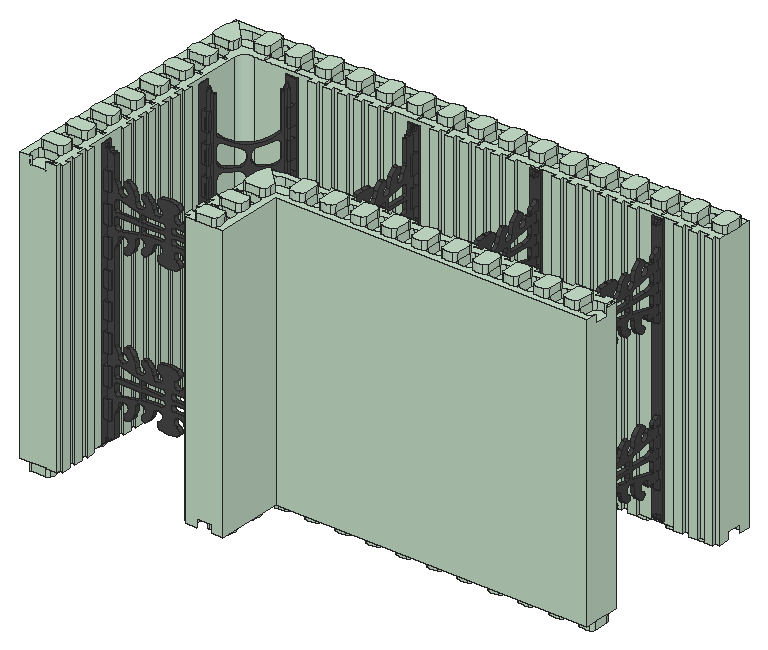
Revit family "ICF- NUDURA 8-inch- 90 Degree Form Unit- Imperial", category Generic Models, Revit 2011 (continued)
Definition of nested family "NUDURA 8-inch Corner Insert Web"
  Reference planes (in)
    plane 1 "Center (Front/Back)": y = 0
    plane 2: z = 0
    plane 3 "Center (Left/Right)": x = 0
  Forms (in)
    Extrusion 1, solid, material "Polypropylene"
      sketch origin (0, 1.8125, 0.26) x (0, 1, 0) y (0, 0, 1)
        loop
          line (0, 0) -> (0, 16.54253) -> (-0.125, 16.54253) -> (-0.125, 14.16753)
          arc (-0.125, 14.16753) -> (-1.8125, 13.54253) -> (-3.5, 14.16753) r 2.59063
          line (-3.5, 14.16753) -> (-3.5, 16.54253) -> (-3.625, 16.54253) -> (-3.625, 0) -> (-3.5, 0) -> (-3.5, 2.375)
          arc (-3.5, 2.375) -> (-1.8125, 3) -> (-0.125, 2.375) r 2.59063
          line (-0.125, 2.375) -> (-0.125, 0) -> (0, 0)
        loop
          arc (-0.125, 10.04253) -> (-1.8125, 10.66753) -> (-3.5, 10.04253) r 2.59063
          line (-3.5, 10.04253) -> (-3.5, 6.5)
          arc (-3.5, 6.5) -> (-1.8125, 5.875) -> (-0.125, 6.5) r 2.59063
          line (-0.125, 6.5) -> (-0.125, 10.04253)
        loop
          arc (-0.48097, 13.69492) -> (-0.91492, 13.50403) -> (-1.375, 13.3897) r 2.77813
          arc (-1.375, 13.3897) -> (-1.74433, 12.79424) -> (-1.375, 12.19878) r 0.66469
          line (-1.375, 12.19878) -> (-0.625, 12.19878)
          arc (-0.625, 12.19878) -> (-0.27145, 12.34523) -> (-0.125, 12.69878) r 0.5
          line (-0.125, 12.69878) -> (-0.125, 13.46849)
          arc (-0.125, 13.46849) -> (-0.24082, 13.67943) -> (-0.48097, 13.69492) r 0.25
        loop
          arc (-0.48097, 10.51515) -> (-0.24082, 10.53064) -> (-0.125, 10.74158) r 0.25
          line (-0.125, 10.74158) -> (-0.125, 11.51128)
          arc (-0.125, 11.51128) -> (-0.27145, 11.86484) -> (-0.625, 12.01128) r 0.5
          line (-0.625, 12.01128) -> (-1.375, 12.01128)
          arc (-1.375, 12.01128) -> (-1.74433, 11.41583) -> (-1.375, 10.82037) r 0.66469
          arc (-1.375, 10.82037) -> (-0.91492, 10.70604) -> (-0.48097, 10.51515) r 2.77813
        loop
          arc (-3.14403, 10.51515) -> (-2.71008, 10.70604) -> (-2.25, 10.82037) r 2.77813
          arc (-2.25, 10.82037) -> (-1.88067, 11.41583) -> (-2.25, 12.01128) r 0.66469
          line (-2.25, 12.01128) -> (-3, 12.01128)
          arc (-3, 12.01128) -> (-3.35355, 11.86484) -> (-3.5, 11.51128) r 0.5
          line (-3.5, 11.51128) -> (-3.5, 10.74158)
          arc (-3.5, 10.74158) -> (-3.38418, 10.53064) -> (-3.14403, 10.51515) r 0.25
        loop
          arc (-3.14403, 13.69492) -> (-3.38418, 13.67943) -> (-3.5, 13.46849) r 0.25
          line (-3.5, 13.46849) -> (-3.5, 12.69878)
          arc (-3.5, 12.69878) -> (-3.35355, 12.34523) -> (-3, 12.19878) r 0.5
          line (-3, 12.19878) -> (-2.25, 12.19878)
          arc (-2.25, 12.19878) -> (-1.88067, 12.79424) -> (-2.25, 13.3897) r 0.66469
          arc (-2.25, 13.3897) -> (-2.71008, 13.50403) -> (-3.14403, 13.69492) r 2.77813
        loop
          arc (-0.48097, 2.84761) -> (-0.24082, 2.8631) -> (-0.125, 3.07404) r 0.25
          line (-0.125, 3.07404) -> (-0.125, 3.84375)
          arc (-0.125, 3.84375) -> (-0.27145, 4.1973) -> (-0.625, 4.34375) r 0.5
          line (-0.625, 4.34375) -> (-1.375, 4.34375)
          arc (-1.375, 4.34375) -> (-1.74433, 3.74829) -> (-1.375, 3.15283) r 0.66469
          arc (-1.375, 3.15283) -> (-0.91492, 3.0385) -> (-0.48097, 2.84761) r 2.77813
        loop
          arc (-0.48097, 6.02739) -> (-0.91492, 5.8365) -> (-1.375, 5.72217) r 2.77813
          arc (-1.375, 5.72217) -> (-1.74433, 5.12671) -> (-1.375, 4.53125) r 0.66469
          line (-1.375, 4.53125) -> (-0.625, 4.53125)
          arc (-0.625, 4.53125) -> (-0.27145, 4.6777) -> (-0.125, 5.03125) r 0.5
          line (-0.125, 5.03125) -> (-0.125, 5.80096)
          arc (-0.125, 5.80096) -> (-0.24082, 6.0119) -> (-0.48097, 6.02739) r 0.25
        loop
          arc (-3.14403, 6.02739) -> (-3.38418, 6.0119) -> (-3.5, 5.80096) r 0.25
          line (-3.5, 5.80096) -> (-3.5, 5.03125)
          arc (-3.5, 5.03125) -> (-3.35355, 4.6777) -> (-3, 4.53125) r 0.5
          line (-3, 4.53125) -> (-2.25, 4.53125)
          arc (-2.25, 4.53125) -> (-1.88067, 5.12671) -> (-2.25, 5.72217) r 0.66469
          arc (-2.25, 5.72217) -> (-2.71008, 5.8365) -> (-3.14403, 6.02739) r 2.77813
        loop
          arc (-3.14403, 2.84761) -> (-2.71008, 3.0385) -> (-2.25, 3.15283) r 2.77813
          arc (-2.25, 3.15283) -> (-1.88067, 3.74829) -> (-2.25, 4.34375) r 0.66469
          line (-2.25, 4.34375) -> (-3, 4.34375)
          arc (-3, 4.34375) -> (-3.35355, 4.1973) -> (-3.5, 3.84375) r 0.5
          line (-3.5, 3.84375) -> (-3.5, 3.07404)
          arc (-3.5, 3.07404) -> (-3.38418, 2.8631) -> (-3.14403, 2.84761) r 0.25
      from -0.125 to 0.125
    Extrusion 2, solid, material "Polypropylene"
      sketch origin (0, 0.95461, 23.70793) x (0, 1, 0) y (0, 0, 1)
        loop
          line (-3.07961, -23.44793) -> (-3.00461, -23.67793)
          arc (-3.00461, -23.67793) -> (-2.95461, -23.70793) -> (-2.90461, -23.67793) r 0.05667
          line (-2.90461, -23.67793) -> (-2.82961, -23.44793) -> (-2.82961, -6.9054) -> (-2.90461, -6.6754)
          arc (-2.90461, -6.6754) -> (-2.95461, -6.6454) -> (-3.00461, -6.6754) r 0.05667
          line (-3.00461, -6.6754) -> (-3.07961, -6.9054) -> (-3.07961, -23.44793)
      from 0.14171 to 0.39171
    Extrusion 3, solid, material "Polypropylene"
      sketch origin (0, 4.95461, 23.70793) x (0, 1, 0) y (0, 0, 1)
        loop
          line (-3.07961, -23.44793) -> (-3.00461, -23.67793)
          arc (-3.00461, -23.67793) -> (-2.95461, -23.70793) -> (-2.90461, -23.67793) r 0.05667
          line (-2.90461, -23.67793) -> (-2.82961, -23.44793) -> (-2.82961, -6.9054) -> (-2.90461, -6.6754)
          arc (-2.90461, -6.6754) -> (-2.95461, -6.6454) -> (-3.00461, -6.6754) r 0.05667
          line (-3.00461, -6.6754) -> (-3.07961, -6.9054) -> (-3.07961, -23.44793)
      from 0.14171 to 0.39171
    Extrusion 4, solid, material "Polypropylene"
      sketch origin (0, 1.8125, 0) x (1, 0, 0) y (0, 1, 0)
        loop
          line (0.125, -3.50401) -> (0.125, -3.625) -> (0.09265, -3.625) -> (0.14171, -3.80849) -> (0.14171, -3.6875) -> (0.17406, -3.6875) -> (0.125, -3.50401)
      from 0.26 to 16.80253
    Extrusion 5, solid, material "Polypropylene"
      sketch origin (0, -1.8125, 0) x (1, 0, 0) y (0, 1, 0)
        loop
          line (0.125, 3.50401) -> (0.17406, 3.6875) -> (0.14171, 3.6875) -> (0.14171, 3.80849) -> (0.09265, 3.625) -> (0.125, 3.625) -> (0.125, 3.50401)
      from 0.26 to 16.80253
Definition of nested family "NUDURA Diamond Pattern"
  Reference planes (in)
    plane 1 "Center (Front/Back)": y = 0
    plane 2: z = 0
    plane 3 "Center (Left/Right)": x = 0
    plane 4: z = 18
  Lines and regions (in)
    model lines
      curve 1: line (8, -5.625, 18) -> (8, -5.625, 0)
      curve 2: line (6, -5.625, 18) -> (6, -5.625, 0)
      curve 3: line (2, -5.625, 18) -> (2, -5.625, 0)
      curve 4: line (3.35367, -5.625, 16.98484) -> (3.69709, -5.625, 16.64142)
      curve 5: arc (3.35367, -5.625, 17.51517) -> (3.24384, -5.625, 17.25) -> (3.35367, -5.625, 16.98484) r 0.375
      curve 6: line (3.72867, -5.625, 17.89017) -> (3.35367, -5.625, 17.51517)
      curve 7: arc (4.259, -5.625, 17.89017) -> (3.99384, -5.625, 18) -> (3.72867, -5.625, 17.89017) r 0.375
      curve 8: line (4.634, -5.625, 17.51517) -> (4.259, -5.625, 17.89017)
      curve 9: arc (4.634, -5.625, 16.98484) -> (4.74384, -5.625, 17.25) -> (4.634, -5.625, 17.51517) r 0.375
      curve 10: line (4.29059, -5.625, 16.64142) -> (4.634, -5.625, 16.98484)
      curve 11: arc (4.17062, -5.625, 17.80178) -> (3.99384, -5.625, 17.875) -> (3.81706, -5.625, 17.80178) r 0.25
      curve 12: line (4.54562, -5.625, 17.42678) -> (4.17062, -5.625, 17.80178)
      curve 13: arc (4.54562, -5.625, 17.07322) -> (4.61884, -5.625, 17.25) -> (4.54562, -5.625, 17.42678) r 0.25
      curve 14: line (4.17062, -5.625, 16.69822) -> (4.54562, -5.625, 17.07322)
      curve 15: arc (3.81706, -5.625, 16.69822) -> (3.99384, -5.625, 16.625) -> (4.17062, -5.625, 16.69822) r 0.25
      curve 16: line (3.44206, -5.625, 17.07322) -> (3.81706, -5.625, 16.69822)
      curve 17: arc (3.44206, -5.625, 17.42678) -> (3.36884, -5.625, 17.25) -> (3.44206, -5.625, 17.07322) r 0.25
      curve 18: line (3.81706, -5.625, 17.80178) -> (3.44206, -5.625, 17.42678)
      curve 19: arc (3.69709, -5.625, 16.35858) -> (3.75567, -5.625, 16.5) -> (3.69709, -5.625, 16.64142) r 0.2
      curve 20: line (4.634, -5.625, 16.01517) -> (4.29059, -5.625, 16.35858)
      curve 21: arc (4.634, -5.625, 15.48484) -> (4.74384, -5.625, 15.75) -> (4.634, -5.625, 16.01517) r 0.375
      curve 22: line (4.29059, -5.625, 15.14142) -> (4.634, -5.625, 15.48484)
      curve 23: line (3.35367, -5.625, 15.48484) -> (3.69709, -5.625, 15.14142)
      curve 24: arc (3.35367, -5.625, 16.01517) -> (3.24384, -5.625, 15.75) -> (3.35367, -5.625, 15.48484) r 0.375
      curve 25: line (3.69709, -5.625, 16.35858) -> (3.35367, -5.625, 16.01517)
      curve 26: arc (4.17062, -5.625, 16.30178) -> (3.99384, -5.625, 16.375) -> (3.81706, -5.625, 16.30178) r 0.25
      curve 27: line (3.81706, -5.625, 16.30178) -> (3.44206, -5.625, 15.92678)
      curve 28: arc (3.44206, -5.625, 15.92678) -> (3.36884, -5.625, 15.75) -> (3.44206, -5.625, 15.57322) r 0.25
      curve 29: line (3.44206, -5.625, 15.57322) -> (3.81706, -5.625, 15.19822)
      curve 30: arc (3.81706, -5.625, 15.19822) -> (3.99384, -5.625, 15.125) -> (4.17062, -5.625, 15.19822) r 0.25
      curve 31: line (4.17062, -5.625, 15.19822) -> (4.54562, -5.625, 15.57322)
      curve 32: arc (4.54562, -5.625, 15.57322) -> (4.61884, -5.625, 15.75) -> (4.54562, -5.625, 15.92678) r 0.25
      curve 33: line (4.54562, -5.625, 15.92678) -> (4.17062, -5.625, 16.30178)
      curve 34: arc (3.69709, -5.625, 14.85858) -> (3.75567, -5.625, 15) -> (3.69709, -5.625, 15.14142) r 0.2
      curve 35: line (4.634, -5.625, 14.51517) -> (4.29059, -5.625, 14.85858)
      curve 36: arc (4.634, -5.625, 13.98484) -> (4.74384, -5.625, 14.25) -> (4.634, -5.625, 14.51517) r 0.375
      curve 37: line (4.29059, -5.625, 13.64142) -> (4.634, -5.625, 13.98484)
      curve 38: line (3.35367, -5.625, 13.98484) -> (3.69709, -5.625, 13.64142)
      curve 39: arc (3.35367, -5.625, 14.51517) -> (3.24384, -5.625, 14.25) -> (3.35367, -5.625, 13.98484) r 0.375
      curve 40: line (3.69709, -5.625, 14.85858) -> (3.35367, -5.625, 14.51517)
      curve 41: arc (4.17062, -5.625, 14.80178) -> (3.99384, -5.625, 14.875) -> (3.81706, -5.625, 14.80178) r 0.25
      curve 42: line (3.81706, -5.625, 14.80178) -> (3.44206, -5.625, 14.42678)
      curve 43: arc (3.44206, -5.625, 14.42678) -> (3.36884, -5.625, 14.25) -> (3.44206, -5.625, 14.07322) r 0.25
      curve 44: line (3.44206, -5.625, 14.07322) -> (3.81706, -5.625, 13.69822)
      curve 45: arc (3.81706, -5.625, 13.69822) -> (3.99384, -5.625, 13.625) -> (4.17062, -5.625, 13.69822) r 0.25
      curve 46: line (4.17062, -5.625, 13.69822) -> (4.54562, -5.625, 14.07322)
      curve 47: arc (4.54562, -5.625, 14.07322) -> (4.61884, -5.625, 14.25) -> (4.54562, -5.625, 14.42678) r 0.25
      curve 48: line (4.54562, -5.625, 14.42678) -> (4.17062, -5.625, 14.80178)
      curve 49: arc (3.69709, -5.625, 13.35858) -> (3.75567, -5.625, 13.5) -> (3.69709, -5.625, 13.64142) r 0.2
      curve 50: line (4.634, -5.625, 13.01517) -> (4.29059, -5.625, 13.35858)
      curve 51: arc (4.634, -5.625, 12.48484) -> (4.74384, -5.625, 12.75) -> (4.634, -5.625, 13.01517) r 0.375
      curve 52: line (4.29059, -5.625, 12.14142) -> (4.634, -5.625, 12.48484)
      curve 53: line (3.35367, -5.625, 12.48484) -> (3.69709, -5.625, 12.14142)
      curve 54: arc (3.35367, -5.625, 13.01517) -> (3.24384, -5.625, 12.75) -> (3.35367, -5.625, 12.48484) r 0.375
      curve 55: line (3.69709, -5.625, 13.35858) -> (3.35367, -5.625, 13.01517)
      curve 56: arc (4.17062, -5.625, 13.30178) -> (3.99384, -5.625, 13.375) -> (3.81706, -5.625, 13.30178) r 0.25
      curve 57: line (3.81706, -5.625, 13.30178) -> (3.44206, -5.625, 12.92678)
      curve 58: arc (3.44206, -5.625, 12.92678) -> (3.36884, -5.625, 12.75) -> (3.44206, -5.625, 12.57322) r 0.25
      curve 59: line (3.44206, -5.625, 12.57322) -> (3.81706, -5.625, 12.19822)
      curve 60: arc (3.81706, -5.625, 12.19822) -> (3.99384, -5.625, 12.125) -> (4.17062, -5.625, 12.19822) r 0.25
      curve 61: line (4.17062, -5.625, 12.19822) -> (4.54562, -5.625, 12.57322)
      curve 62: arc (4.54562, -5.625, 12.57322) -> (4.61884, -5.625, 12.75) -> (4.54562, -5.625, 12.92678) r 0.25
      curve 63: line (4.54562, -5.625, 12.92678) -> (4.17062, -5.625, 13.30178)
      curve 64: arc (3.69709, -5.625, 11.85858) -> (3.75567, -5.625, 12) -> (3.69709, -5.625, 12.14142) r 0.2
      curve 65: line (4.634, -5.625, 11.51517) -> (4.29059, -5.625, 11.85858)
      curve 66: arc (4.634, -5.625, 10.98484) -> (4.74384, -5.625, 11.25) -> (4.634, -5.625, 11.51517) r 0.375
      curve 67: line (4.29059, -5.625, 10.64142) -> (4.634, -5.625, 10.98484)
      curve 68: line (3.35367, -5.625, 10.98484) -> (3.69709, -5.625, 10.64142)
      curve 69: arc (3.35367, -5.625, 11.51517) -> (3.24384, -5.625, 11.25) -> (3.35367, -5.625, 10.98484) r 0.375
      curve 70: line (3.69709, -5.625, 11.85858) -> (3.35367, -5.625, 11.51517)
      curve 71: arc (4.17062, -5.625, 11.80178) -> (3.99384, -5.625, 11.875) -> (3.81706, -5.625, 11.80178) r 0.25
      curve 72: line (3.81706, -5.625, 11.80178) -> (3.44206, -5.625, 11.42678)
      curve 73: arc (3.44206, -5.625, 11.42678) -> (3.36884, -5.625, 11.25) -> (3.44206, -5.625, 11.07322) r 0.25
      curve 74: line (3.44206, -5.625, 11.07322) -> (3.81706, -5.625, 10.69822)
      curve 75: arc (3.81706, -5.625, 10.69822) -> (3.99384, -5.625, 10.625) -> (4.17062, -5.625, 10.69822) r 0.25
      curve 76: line (4.17062, -5.625, 10.69822) -> (4.54562, -5.625, 11.07322)
      curve 77: arc (4.54562, -5.625, 11.07322) -> (4.61884, -5.625, 11.25) -> (4.54562, -5.625, 11.42678) r 0.25
      curve 78: line (4.54562, -5.625, 11.42678) -> (4.17062, -5.625, 11.80178)
      curve 79: arc (3.69709, -5.625, 10.35858) -> (3.75567, -5.625, 10.5) -> (3.69709, -5.625, 10.64142) r 0.2
      curve 80: line (4.634, -5.625, 10.01517) -> (4.29059, -5.625, 10.35858)
      curve 81: arc (4.634, -5.625, 9.48484) -> (4.74384, -5.625, 9.75) -> (4.634, -5.625, 10.01517) r 0.375
      curve 82: line (4.29059, -5.625, 9.14142) -> (4.634, -5.625, 9.48484)
      curve 83: line (3.35367, -5.625, 9.48484) -> (3.69709, -5.625, 9.14142)
      curve 84: arc (3.35367, -5.625, 10.01517) -> (3.24384, -5.625, 9.75) -> (3.35367, -5.625, 9.48484) r 0.375
      curve 85: line (3.69709, -5.625, 10.35858) -> (3.35367, -5.625, 10.01517)
      curve 86: arc (4.17062, -5.625, 10.30178) -> (3.99384, -5.625, 10.375) -> (3.81706, -5.625, 10.30178) r 0.25
      curve 87: line (3.81706, -5.625, 10.30178) -> (3.44206, -5.625, 9.92678)
      curve 88: arc (3.44206, -5.625, 9.92678) -> (3.36884, -5.625, 9.75) -> (3.44206, -5.625, 9.57322) r 0.25
      curve 89: line (3.44206, -5.625, 9.57322) -> (3.81706, -5.625, 9.19822)
      curve 90: arc (3.81706, -5.625, 9.19822) -> (3.99384, -5.625, 9.125) -> (4.17062, -5.625, 9.19822) r 0.25
      curve 91: line (4.17062, -5.625, 9.19822) -> (4.54562, -5.625, 9.57322)
      curve 92: arc (4.54562, -5.625, 9.57322) -> (4.61884, -5.625, 9.75) -> (4.54562, -5.625, 9.92678) r 0.25
      curve 93: line (4.54562, -5.625, 9.92678) -> (4.17062, -5.625, 10.30178)
      curve 94: arc (3.69709, -5.625, 8.85858) -> (3.75567, -5.625, 9) -> (3.69709, -5.625, 9.14142) r 0.2
      curve 95: line (4.634, -5.625, 8.51517) -> (4.29059, -5.625, 8.85858)
      curve 96: arc (4.634, -5.625, 7.98484) -> (4.74384, -5.625, 8.25) -> (4.634, -5.625, 8.51517) r 0.375
      curve 97: line (4.29059, -5.625, 7.64142) -> (4.634, -5.625, 7.98484)
      curve 98: line (3.35367, -5.625, 7.98484) -> (3.69709, -5.625, 7.64142)
      curve 99: arc (3.35367, -5.625, 8.51517) -> (3.24384, -5.625, 8.25) -> (3.35367, -5.625, 7.98484) r 0.375
      curve 100: line (3.69709, -5.625, 8.85858) -> (3.35367, -5.625, 8.51517)
      curve 101: arc (4.17062, -5.625, 8.80178) -> (3.99384, -5.625, 8.875) -> (3.81706, -5.625, 8.80178) r 0.25
      curve 102: line (3.81706, -5.625, 8.80178) -> (3.44206, -5.625, 8.42678)
      curve 103: arc (3.44206, -5.625, 8.42678) -> (3.36884, -5.625, 8.25) -> (3.44206, -5.625, 8.07322) r 0.25
      curve 104: line (3.44206, -5.625, 8.07322) -> (3.81706, -5.625, 7.69822)
      curve 105: arc (3.81706, -5.625, 7.69822) -> (3.99384, -5.625, 7.625) -> (4.17062, -5.625, 7.69822) r 0.25
      curve 106: line (4.17062, -5.625, 7.69822) -> (4.54562, -5.625, 8.07322)
      curve 107: arc (4.54562, -5.625, 8.07322) -> (4.61884, -5.625, 8.25) -> (4.54562, -5.625, 8.42678) r 0.25
      curve 108: line (4.54562, -5.625, 8.42678) -> (4.17062, -5.625, 8.80178)
      curve 109: arc (3.69709, -5.625, 7.35858) -> (3.75567, -5.625, 7.5) -> (3.69709, -5.625, 7.64142) r 0.2
      curve 110: line (4.634, -5.625, 7.01517) -> (4.29059, -5.625, 7.35858)
      curve 111: arc (4.634, -5.625, 6.48484) -> (4.74384, -5.625, 6.75) -> (4.634, -5.625, 7.01517) r 0.375
      curve 112: line (4.29059, -5.625, 6.14142) -> (4.634, -5.625, 6.48484)
      curve 113: line (3.35367, -5.625, 6.48484) -> (3.69709, -5.625, 6.14142)
      curve 114: arc (3.35367, -5.625, 7.01517) -> (3.24384, -5.625, 6.75) -> (3.35367, -5.625, 6.48484) r 0.375
      curve 115: line (3.69709, -5.625, 7.35858) -> (3.35367, -5.625, 7.01517)
      curve 116: arc (4.17062, -5.625, 7.30178) -> (3.99384, -5.625, 7.375) -> (3.81706, -5.625, 7.30178) r 0.25
      curve 117: line (3.81706, -5.625, 7.30178) -> (3.44206, -5.625, 6.92678)
      curve 118: arc (3.44206, -5.625, 6.92678) -> (3.36884, -5.625, 6.75) -> (3.44206, -5.625, 6.57322) r 0.25
      curve 119: line (3.44206, -5.625, 6.57322) -> (3.81706, -5.625, 6.19822)
      curve 120: arc (3.81706, -5.625, 6.19822) -> (3.99384, -5.625, 6.125) -> (4.17062, -5.625, 6.19822) r 0.25
      curve 121: line (4.17062, -5.625, 6.19822) -> (4.54562, -5.625, 6.57322)
      curve 122: arc (4.54562, -5.625, 6.57322) -> (4.61884, -5.625, 6.75) -> (4.54562, -5.625, 6.92678) r 0.25
      curve 123: line (4.54562, -5.625, 6.92678) -> (4.17062, -5.625, 7.30178)
      curve 124: arc (3.69709, -5.625, 5.85858) -> (3.75567, -5.625, 6) -> (3.69709, -5.625, 6.14142) r 0.2
      curve 125: line (4.634, -5.625, 5.51517) -> (4.29059, -5.625, 5.85858)
      curve 126: arc (4.634, -5.625, 4.98484) -> (4.74384, -5.625, 5.25) -> (4.634, -5.625, 5.51517) r 0.375
      curve 127: line (4.29059, -5.625, 4.64142) -> (4.634, -5.625, 4.98484)
      curve 128: line (3.35367, -5.625, 4.98484) -> (3.69709, -5.625, 4.64142)
      curve 129: arc (3.35367, -5.625, 5.51517) -> (3.24384, -5.625, 5.25) -> (3.35367, -5.625, 4.98484) r 0.375
      curve 130: line (3.69709, -5.625, 5.85858) -> (3.35367, -5.625, 5.51517)
      curve 131: arc (4.17062, -5.625, 5.80178) -> (3.99384, -5.625, 5.875) -> (3.81706, -5.625, 5.80178) r 0.25
      curve 132: line (3.81706, -5.625, 5.80178) -> (3.44206, -5.625, 5.42678)
      curve 133: arc (3.44206, -5.625, 5.42678) -> (3.36884, -5.625, 5.25) -> (3.44206, -5.625, 5.07322) r 0.25
      curve 134: line (3.44206, -5.625, 5.07322) -> (3.81706, -5.625, 4.69822)
      curve 135: arc (3.81706, -5.625, 4.69822) -> (3.99384, -5.625, 4.625) -> (4.17062, -5.625, 4.69822) r 0.25
      curve 136: line (4.17062, -5.625, 4.69822) -> (4.54562, -5.625, 5.07322)
      curve 137: arc (4.54562, -5.625, 5.07322) -> (4.61884, -5.625, 5.25) -> (4.54562, -5.625, 5.42678) r 0.25
      curve 138: line (4.54562, -5.625, 5.42678) -> (4.17062, -5.625, 5.80178)
      curve 139: arc (3.69709, -5.625, 4.35858) -> (3.75567, -5.625, 4.5) -> (3.69709, -5.625, 4.64142) r 0.2
      curve 140: line (4.634, -5.625, 4.01517) -> (4.29059, -5.625, 4.35858)
      curve 141: arc (4.634, -5.625, 3.48484) -> (4.74384, -5.625, 3.75) -> (4.634, -5.625, 4.01517) r 0.375
      curve 142: line (4.29059, -5.625, 3.14142) -> (4.634, -5.625, 3.48484)
      curve 143: line (3.35367, -5.625, 3.48484) -> (3.69709, -5.625, 3.14142)
      curve 144: arc (3.35367, -5.625, 4.01517) -> (3.24384, -5.625, 3.75) -> (3.35367, -5.625, 3.48484) r 0.375
      curve 145: line (3.69709, -5.625, 4.35858) -> (3.35367, -5.625, 4.01517)
      curve 146: arc (4.17062, -5.625, 4.30178) -> (3.99384, -5.625, 4.375) -> (3.81706, -5.625, 4.30178) r 0.25
      curve 147: line (3.81706, -5.625, 4.30178) -> (3.44206, -5.625, 3.92678)
      curve 148: arc (3.44206, -5.625, 3.92678) -> (3.36884, -5.625, 3.75) -> (3.44206, -5.625, 3.57322) r 0.25
      curve 149: line (3.44206, -5.625, 3.57322) -> (3.81706, -5.625, 3.19822)
      curve 150: arc (3.81706, -5.625, 3.19822) -> (3.99384, -5.625, 3.125) -> (4.17062, -5.625, 3.19822) r 0.25
      curve 151: line (4.17062, -5.625, 3.19822) -> (4.54562, -5.625, 3.57322)
      curve 152: arc (4.54562, -5.625, 3.57322) -> (4.61884, -5.625, 3.75) -> (4.54562, -5.625, 3.92678) r 0.25
      curve 153: line (4.54562, -5.625, 3.92678) -> (4.17062, -5.625, 4.30178)
      curve 154: arc (3.69709, -5.625, 2.85858) -> (3.75567, -5.625, 3) -> (3.69709, -5.625, 3.14142) r 0.2
      curve 155: line (4.634, -5.625, 2.51517) -> (4.29059, -5.625, 2.85858)
      curve 156: arc (4.634, -5.625, 1.98484) -> (4.74384, -5.625, 2.25) -> (4.634, -5.625, 2.51517) r 0.375
      curve 157: line (4.29059, -5.625, 1.64142) -> (4.634, -5.625, 1.98484)
      curve 158: line (3.35367, -5.625, 1.98484) -> (3.69709, -5.625, 1.64142)
      curve 159: arc (3.35367, -5.625, 2.51517) -> (3.24384, -5.625, 2.25) -> (3.35367, -5.625, 1.98484) r 0.375
      curve 160: line (3.69709, -5.625, 2.85858) -> (3.35367, -5.625, 2.51517)
      curve 161: arc (4.17062, -5.625, 2.80178) -> (3.99384, -5.625, 2.875) -> (3.81706, -5.625, 2.80178) r 0.25
      curve 162: line (3.81706, -5.625, 2.80178) -> (3.44206, -5.625, 2.42678)
      curve 163: arc (3.44206, -5.625, 2.42678) -> (3.36884, -5.625, 2.25) -> (3.44206, -5.625, 2.07322) r 0.25
      curve 164: line (3.44206, -5.625, 2.07322) -> (3.81706, -5.625, 1.69822)
      curve 165: arc (3.81706, -5.625, 1.69822) -> (3.99384, -5.625, 1.625) -> (4.17062, -5.625, 1.69822) r 0.25
      curve 166: line (4.17062, -5.625, 1.69822) -> (4.54562, -5.625, 2.07322)
      curve 167: arc (4.54562, -5.625, 2.07322) -> (4.61884, -5.625, 2.25) -> (4.54562, -5.625, 2.42678) r 0.25
      curve 168: line (4.54562, -5.625, 2.42678) -> (4.17062, -5.625, 2.80178)
      curve 169: arc (3.69709, -5.625, 1.35858) -> (3.75567, -5.625, 1.5) -> (3.69709, -5.625, 1.64142) r 0.2
      curve 170: line (3.69709, -5.625, 1.35858) -> (3.35367, -5.625, 1.01517)
      curve 171: arc (3.35367, -5.625, 1.01517) -> (3.24384, -5.625, 0.75) -> (3.35367, -5.625, 0.48484) r 0.375
      curve 172: line (3.35367, -5.625, 0.48484) -> (3.72867, -5.625, 0.10984)
      curve 173: arc (3.72867, -5.625, 0.10984) -> (3.99384, -5.625, 0) -> (4.259, -5.625, 0.10984) r 0.375
      curve 174: line (4.259, -5.625, 0.10984) -> (4.634, -5.625, 0.48484)
      curve 175: arc (4.634, -5.625, 0.48484) -> (4.74384, -5.625, 0.75) -> (4.634, -5.625, 1.01517) r 0.375
      curve 176: line (4.634, -5.625, 1.01517) -> (4.29059, -5.625, 1.35858)
      curve 177: arc (4.29059, -5.625, 1.64142) -> (4.23201, -5.625, 1.5) -> (4.29059, -5.625, 1.35858) r 0.2
      curve 178: arc (4.17062, -5.625, 1.30178) -> (3.99384, -5.625, 1.375) -> (3.81706, -5.625, 1.30178) r 0.25
      curve 179: line (4.54562, -5.625, 0.92678) -> (4.17062, -5.625, 1.30178)
      curve 180: arc (4.54562, -5.625, 0.57322) -> (4.61884, -5.625, 0.75) -> (4.54562, -5.625, 0.92678) r 0.25
      curve 181: line (4.17062, -5.625, 0.19822) -> (4.54562, -5.625, 0.57322)
      curve 182: arc (3.81706, -5.625, 0.19822) -> (3.99384, -5.625, 0.125) -> (4.17062, -5.625, 0.19822) r 0.25
      curve 183: line (3.44206, -5.625, 0.57322) -> (3.81706, -5.625, 0.19822)
      curve 184: arc (3.44206, -5.625, 0.92678) -> (3.36884, -5.625, 0.75) -> (3.44206, -5.625, 0.57322) r 0.25
      curve 185: line (3.81706, -5.625, 1.30178) -> (3.44206, -5.625, 0.92678)
      curve 186: arc (4.29059, -5.625, 3.14142) -> (4.23201, -5.625, 3) -> (4.29059, -5.625, 2.85858) r 0.2
      curve 187: arc (4.29059, -5.625, 4.64142) -> (4.23201, -5.625, 4.5) -> (4.29059, -5.625, 4.35858) r 0.2
      curve 188: arc (4.29059, -5.625, 6.14142) -> (4.23201, -5.625, 6) -> (4.29059, -5.625, 5.85858) r 0.2
      curve 189: arc (4.29059, -5.625, 7.64142) -> (4.23201, -5.625, 7.5) -> (4.29059, -5.625, 7.35858) r 0.2
      curve 190: arc (4.29059, -5.625, 9.14142) -> (4.23201, -5.625, 9) -> (4.29059, -5.625, 8.85858) r 0.2
      curve 191: arc (4.29059, -5.625, 10.64142) -> (4.23201, -5.625, 10.5) -> (4.29059, -5.625, 10.35858) r 0.2
      curve 192: arc (4.29059, -5.625, 12.14142) -> (4.23201, -5.625, 12) -> (4.29059, -5.625, 11.85858) r 0.2
      curve 193: arc (4.29059, -5.625, 13.64142) -> (4.23201, -5.625, 13.5) -> (4.29059, -5.625, 13.35858) r 0.2
      curve 194: arc (4.29059, -5.625, 15.14142) -> (4.23201, -5.625, 15) -> (4.29059, -5.625, 14.85858) r 0.2
      curve 195: arc (4.29059, -5.625, 16.64142) -> (4.23201, -5.625, 16.5) -> (4.29059, -5.625, 16.35858) r 0.2
Definition of nested family "NUDURA Diamond Pattern Missing Two lines"
  Reference planes (in)
    plane 1 "Center (Front/Back)": y = 0
    plane 2: z = 0
    plane 3 "Center (Left/Right)": x = 0
    plane 4: z = 18
  Lines and regions (in)
    model lines
      curve 1: line (2, -5.625, 18) -> (2, -5.625, 0)
      curve 2: line (3.35367, -5.625, 16.98484) -> (3.69709, -5.625, 16.64142)
      curve 3: arc (3.35367, -5.625, 17.51517) -> (3.24384, -5.625, 17.25) -> (3.35367, -5.625, 16.98484) r 0.375
      curve 4: line (3.72867, -5.625, 17.89017) -> (3.35367, -5.625, 17.51517)
      curve 5: arc (4.259, -5.625, 17.89017) -> (3.99384, -5.625, 18) -> (3.72867, -5.625, 17.89017) r 0.375
      curve 6: line (4.634, -5.625, 17.51517) -> (4.259, -5.625, 17.89017)
      curve 7: arc (4.634, -5.625, 16.98484) -> (4.74384, -5.625, 17.25) -> (4.634, -5.625, 17.51517) r 0.375
      curve 8: line (4.29059, -5.625, 16.64142) -> (4.634, -5.625, 16.98484)
      curve 9: arc (4.17062, -5.625, 17.80178) -> (3.99384, -5.625, 17.875) -> (3.81706, -5.625, 17.80178) r 0.25
      curve 10: line (4.54562, -5.625, 17.42678) -> (4.17062, -5.625, 17.80178)
      curve 11: arc (4.54562, -5.625, 17.07322) -> (4.61884, -5.625, 17.25) -> (4.54562, -5.625, 17.42678) r 0.25
      curve 12: line (4.17062, -5.625, 16.69822) -> (4.54562, -5.625, 17.07322)
      curve 13: arc (3.81706, -5.625, 16.69822) -> (3.99384, -5.625, 16.625) -> (4.17062, -5.625, 16.69822) r 0.25
      curve 14: line (3.44206, -5.625, 17.07322) -> (3.81706, -5.625, 16.69822)
      curve 15: arc (3.44206, -5.625, 17.42678) -> (3.36884, -5.625, 17.25) -> (3.44206, -5.625, 17.07322) r 0.25
      curve 16: line (3.81706, -5.625, 17.80178) -> (3.44206, -5.625, 17.42678)
      curve 17: arc (3.69709, -5.625, 16.35858) -> (3.75567, -5.625, 16.5) -> (3.69709, -5.625, 16.64142) r 0.2
      curve 18: line (4.634, -5.625, 16.01517) -> (4.29059, -5.625, 16.35858)
      curve 19: arc (4.634, -5.625, 15.48484) -> (4.74384, -5.625, 15.75) -> (4.634, -5.625, 16.01517) r 0.375
      curve 20: line (4.29059, -5.625, 15.14142) -> (4.634, -5.625, 15.48484)
      curve 21: line (3.35367, -5.625, 15.48484) -> (3.69709, -5.625, 15.14142)
      curve 22: arc (3.35367, -5.625, 16.01517) -> (3.24384, -5.625, 15.75) -> (3.35367, -5.625, 15.48484) r 0.375
      curve 23: line (3.69709, -5.625, 16.35858) -> (3.35367, -5.625, 16.01517)
      curve 24: arc (4.17062, -5.625, 16.30178) -> (3.99384, -5.625, 16.375) -> (3.81706, -5.625, 16.30178) r 0.25
      curve 25: line (3.81706, -5.625, 16.30178) -> (3.44206, -5.625, 15.92678)
      curve 26: arc (3.44206, -5.625, 15.92678) -> (3.36884, -5.625, 15.75) -> (3.44206, -5.625, 15.57322) r 0.25
      curve 27: line (3.44206, -5.625, 15.57322) -> (3.81706, -5.625, 15.19822)
      curve 28: arc (3.81706, -5.625, 15.19822) -> (3.99384, -5.625, 15.125) -> (4.17062, -5.625, 15.19822) r 0.25
      curve 29: line (4.17062, -5.625, 15.19822) -> (4.54562, -5.625, 15.57322)
      curve 30: arc (4.54562, -5.625, 15.57322) -> (4.61884, -5.625, 15.75) -> (4.54562, -5.625, 15.92678) r 0.25
      curve 31: line (4.54562, -5.625, 15.92678) -> (4.17062, -5.625, 16.30178)
      curve 32: arc (3.69709, -5.625, 14.85858) -> (3.75567, -5.625, 15) -> (3.69709, -5.625, 15.14142) r 0.2
      curve 33: line (4.634, -5.625, 14.51517) -> (4.29059, -5.625, 14.85858)
      curve 34: arc (4.634, -5.625, 13.98484) -> (4.74384, -5.625, 14.25) -> (4.634, -5.625, 14.51517) r 0.375
      curve 35: line (4.29059, -5.625, 13.64142) -> (4.634, -5.625, 13.98484)
      curve 36: line (3.35367, -5.625, 13.98484) -> (3.69709, -5.625, 13.64142)
      curve 37: arc (3.35367, -5.625, 14.51517) -> (3.24384, -5.625, 14.25) -> (3.35367, -5.625, 13.98484) r 0.375
      curve 38: line (3.69709, -5.625, 14.85858) -> (3.35367, -5.625, 14.51517)
      curve 39: arc (4.17062, -5.625, 14.80178) -> (3.99384, -5.625, 14.875) -> (3.81706, -5.625, 14.80178) r 0.25
      curve 40: line (3.81706, -5.625, 14.80178) -> (3.44206, -5.625, 14.42678)
      curve 41: arc (3.44206, -5.625, 14.42678) -> (3.36884, -5.625, 14.25) -> (3.44206, -5.625, 14.07322) r 0.25
      curve 42: line (3.44206, -5.625, 14.07322) -> (3.81706, -5.625, 13.69822)
      curve 43: arc (3.81706, -5.625, 13.69822) -> (3.99384, -5.625, 13.625) -> (4.17062, -5.625, 13.69822) r 0.25
      curve 44: line (4.17062, -5.625, 13.69822) -> (4.54562, -5.625, 14.07322)
      curve 45: arc (4.54562, -5.625, 14.07322) -> (4.61884, -5.625, 14.25) -> (4.54562, -5.625, 14.42678) r 0.25
      curve 46: line (4.54562, -5.625, 14.42678) -> (4.17062, -5.625, 14.80178)
      curve 47: arc (3.69709, -5.625, 13.35858) -> (3.75567, -5.625, 13.5) -> (3.69709, -5.625, 13.64142) r 0.2
      curve 48: line (4.634, -5.625, 13.01517) -> (4.29059, -5.625, 13.35858)
      curve 49: arc (4.634, -5.625, 12.48484) -> (4.74384, -5.625, 12.75) -> (4.634, -5.625, 13.01517) r 0.375
      curve 50: line (4.29059, -5.625, 12.14142) -> (4.634, -5.625, 12.48484)
      curve 51: line (3.35367, -5.625, 12.48484) -> (3.69709, -5.625, 12.14142)
      curve 52: arc (3.35367, -5.625, 13.01517) -> (3.24384, -5.625, 12.75) -> (3.35367, -5.625, 12.48484) r 0.375
      curve 53: line (3.69709, -5.625, 13.35858) -> (3.35367, -5.625, 13.01517)
      curve 54: arc (4.17062, -5.625, 13.30178) -> (3.99384, -5.625, 13.375) -> (3.81706, -5.625, 13.30178) r 0.25
      curve 55: line (3.81706, -5.625, 13.30178) -> (3.44206, -5.625, 12.92678)
      curve 56: arc (3.44206, -5.625, 12.92678) -> (3.36884, -5.625, 12.75) -> (3.44206, -5.625, 12.57322) r 0.25
      curve 57: line (3.44206, -5.625, 12.57322) -> (3.81706, -5.625, 12.19822)
      curve 58: arc (3.81706, -5.625, 12.19822) -> (3.99384, -5.625, 12.125) -> (4.17062, -5.625, 12.19822) r 0.25
      curve 59: line (4.17062, -5.625, 12.19822) -> (4.54562, -5.625, 12.57322)
      curve 60: arc (4.54562, -5.625, 12.57322) -> (4.61884, -5.625, 12.75) -> (4.54562, -5.625, 12.92678) r 0.25
      curve 61: line (4.54562, -5.625, 12.92678) -> (4.17062, -5.625, 13.30178)
      curve 62: arc (3.69709, -5.625, 11.85858) -> (3.75567, -5.625, 12) -> (3.69709, -5.625, 12.14142) r 0.2
      curve 63: line (4.634, -5.625, 11.51517) -> (4.29059, -5.625, 11.85858)
      curve 64: arc (4.634, -5.625, 10.98484) -> (4.74384, -5.625, 11.25) -> (4.634, -5.625, 11.51517) r 0.375
      curve 65: line (4.29059, -5.625, 10.64142) -> (4.634, -5.625, 10.98484)
      curve 66: line (3.35367, -5.625, 10.98484) -> (3.69709, -5.625, 10.64142)
      curve 67: arc (3.35367, -5.625, 11.51517) -> (3.24384, -5.625, 11.25) -> (3.35367, -5.625, 10.98484) r 0.375
      curve 68: line (3.69709, -5.625, 11.85858) -> (3.35367, -5.625, 11.51517)
      curve 69: arc (4.17062, -5.625, 11.80178) -> (3.99384, -5.625, 11.875) -> (3.81706, -5.625, 11.80178) r 0.25
      curve 70: line (3.81706, -5.625, 11.80178) -> (3.44206, -5.625, 11.42678)
      curve 71: arc (3.44206, -5.625, 11.42678) -> (3.36884, -5.625, 11.25) -> (3.44206, -5.625, 11.07322) r 0.25
      curve 72: line (3.44206, -5.625, 11.07322) -> (3.81706, -5.625, 10.69822)
      curve 73: arc (3.81706, -5.625, 10.69822) -> (3.99384, -5.625, 10.625) -> (4.17062, -5.625, 10.69822) r 0.25
      curve 74: line (4.17062, -5.625, 10.69822) -> (4.54562, -5.625, 11.07322)
      curve 75: arc (4.54562, -5.625, 11.07322) -> (4.61884, -5.625, 11.25) -> (4.54562, -5.625, 11.42678) r 0.25
      curve 76: line (4.54562, -5.625, 11.42678) -> (4.17062, -5.625, 11.80178)
      curve 77: arc (3.69709, -5.625, 10.35858) -> (3.75567, -5.625, 10.5) -> (3.69709, -5.625, 10.64142) r 0.2
      curve 78: line (4.634, -5.625, 10.01517) -> (4.29059, -5.625, 10.35858)
      curve 79: arc (4.634, -5.625, 9.48484) -> (4.74384, -5.625, 9.75) -> (4.634, -5.625, 10.01517) r 0.375
      curve 80: line (4.29059, -5.625, 9.14142) -> (4.634, -5.625, 9.48484)
      curve 81: line (3.35367, -5.625, 9.48484) -> (3.69709, -5.625, 9.14142)
      curve 82: arc (3.35367, -5.625, 10.01517) -> (3.24384, -5.625, 9.75) -> (3.35367, -5.625, 9.48484) r 0.375
      curve 83: line (3.69709, -5.625, 10.35858) -> (3.35367, -5.625, 10.01517)
      curve 84: arc (4.17062, -5.625, 10.30178) -> (3.99384, -5.625, 10.375) -> (3.81706, -5.625, 10.30178) r 0.25
      curve 85: line (3.81706, -5.625, 10.30178) -> (3.44206, -5.625, 9.92678)
      curve 86: arc (3.44206, -5.625, 9.92678) -> (3.36884, -5.625, 9.75) -> (3.44206, -5.625, 9.57322) r 0.25
      curve 87: line (3.44206, -5.625, 9.57322) -> (3.81706, -5.625, 9.19822)
      curve 88: arc (3.81706, -5.625, 9.19822) -> (3.99384, -5.625, 9.125) -> (4.17062, -5.625, 9.19822) r 0.25
      curve 89: line (4.17062, -5.625, 9.19822) -> (4.54562, -5.625, 9.57322)
      curve 90: arc (4.54562, -5.625, 9.57322) -> (4.61884, -5.625, 9.75) -> (4.54562, -5.625, 9.92678) r 0.25
      curve 91: line (4.54562, -5.625, 9.92678) -> (4.17062, -5.625, 10.30178)
      curve 92: arc (3.69709, -5.625, 8.85858) -> (3.75567, -5.625, 9) -> (3.69709, -5.625, 9.14142) r 0.2
      curve 93: line (4.634, -5.625, 8.51517) -> (4.29059, -5.625, 8.85858)
      curve 94: arc (4.634, -5.625, 7.98484) -> (4.74384, -5.625, 8.25) -> (4.634, -5.625, 8.51517) r 0.375
      curve 95: line (4.29059, -5.625, 7.64142) -> (4.634, -5.625, 7.98484)
      curve 96: line (3.35367, -5.625, 7.98484) -> (3.69709, -5.625, 7.64142)
      curve 97: arc (3.35367, -5.625, 8.51517) -> (3.24384, -5.625, 8.25) -> (3.35367, -5.625, 7.98484) r 0.375
      curve 98: line (3.69709, -5.625, 8.85858) -> (3.35367, -5.625, 8.51517)
      curve 99: arc (4.17062, -5.625, 8.80178) -> (3.99384, -5.625, 8.875) -> (3.81706, -5.625, 8.80178) r 0.25
      curve 100: line (3.81706, -5.625, 8.80178) -> (3.44206, -5.625, 8.42678)
      curve 101: arc (3.44206, -5.625, 8.42678) -> (3.36884, -5.625, 8.25) -> (3.44206, -5.625, 8.07322) r 0.25
      curve 102: line (3.44206, -5.625, 8.07322) -> (3.81706, -5.625, 7.69822)
      curve 103: arc (3.81706, -5.625, 7.69822) -> (3.99384, -5.625, 7.625) -> (4.17062, -5.625, 7.69822) r 0.25
      curve 104: line (4.17062, -5.625, 7.69822) -> (4.54562, -5.625, 8.07322)
      curve 105: arc (4.54562, -5.625, 8.07322) -> (4.61884, -5.625, 8.25) -> (4.54562, -5.625, 8.42678) r 0.25
      curve 106: line (4.54562, -5.625, 8.42678) -> (4.17062, -5.625, 8.80178)
      curve 107: arc (3.69709, -5.625, 7.35858) -> (3.75567, -5.625, 7.5) -> (3.69709, -5.625, 7.64142) r 0.2
      curve 108: line (4.634, -5.625, 7.01517) -> (4.29059, -5.625, 7.35858)
      curve 109: arc (4.634, -5.625, 6.48484) -> (4.74384, -5.625, 6.75) -> (4.634, -5.625, 7.01517) r 0.375
      curve 110: line (4.29059, -5.625, 6.14142) -> (4.634, -5.625, 6.48484)
      curve 111: line (3.35367, -5.625, 6.48484) -> (3.69709, -5.625, 6.14142)
      curve 112: arc (3.35367, -5.625, 7.01517) -> (3.24384, -5.625, 6.75) -> (3.35367, -5.625, 6.48484) r 0.375
      curve 113: line (3.69709, -5.625, 7.35858) -> (3.35367, -5.625, 7.01517)
      curve 114: arc (4.17062, -5.625, 7.30178) -> (3.99384, -5.625, 7.375) -> (3.81706, -5.625, 7.30178) r 0.25
      curve 115: line (3.81706, -5.625, 7.30178) -> (3.44206, -5.625, 6.92678)
      curve 116: arc (3.44206, -5.625, 6.92678) -> (3.36884, -5.625, 6.75) -> (3.44206, -5.625, 6.57322) r 0.25
      curve 117: line (3.44206, -5.625, 6.57322) -> (3.81706, -5.625, 6.19822)
      curve 118: arc (3.81706, -5.625, 6.19822) -> (3.99384, -5.625, 6.125) -> (4.17062, -5.625, 6.19822) r 0.25
      curve 119: line (4.17062, -5.625, 6.19822) -> (4.54562, -5.625, 6.57322)
      curve 120: arc (4.54562, -5.625, 6.57322) -> (4.61884, -5.625, 6.75) -> (4.54562, -5.625, 6.92678) r 0.25
      curve 121: line (4.54562, -5.625, 6.92678) -> (4.17062, -5.625, 7.30178)
      curve 122: arc (3.69709, -5.625, 5.85858) -> (3.75567, -5.625, 6) -> (3.69709, -5.625, 6.14142) r 0.2
      curve 123: line (4.634, -5.625, 5.51517) -> (4.29059, -5.625, 5.85858)
      curve 124: arc (4.634, -5.625, 4.98484) -> (4.74384, -5.625, 5.25) -> (4.634, -5.625, 5.51517) r 0.375
      curve 125: line (4.29059, -5.625, 4.64142) -> (4.634, -5.625, 4.98484)
      curve 126: line (3.35367, -5.625, 4.98484) -> (3.69709, -5.625, 4.64142)
      curve 127: arc (3.35367, -5.625, 5.51517) -> (3.24384, -5.625, 5.25) -> (3.35367, -5.625, 4.98484) r 0.375
      curve 128: line (3.69709, -5.625, 5.85858) -> (3.35367, -5.625, 5.51517)
      curve 129: arc (4.17062, -5.625, 5.80178) -> (3.99384, -5.625, 5.875) -> (3.81706, -5.625, 5.80178) r 0.25
      curve 130: line (3.81706, -5.625, 5.80178) -> (3.44206, -5.625, 5.42678)
      curve 131: arc (3.44206, -5.625, 5.42678) -> (3.36884, -5.625, 5.25) -> (3.44206, -5.625, 5.07322) r 0.25
      curve 132: line (3.44206, -5.625, 5.07322) -> (3.81706, -5.625, 4.69822)
      curve 133: arc (3.81706, -5.625, 4.69822) -> (3.99384, -5.625, 4.625) -> (4.17062, -5.625, 4.69822) r 0.25
      curve 134: line (4.17062, -5.625, 4.69822) -> (4.54562, -5.625, 5.07322)
      curve 135: arc (4.54562, -5.625, 5.07322) -> (4.61884, -5.625, 5.25) -> (4.54562, -5.625, 5.42678) r 0.25
      curve 136: line (4.54562, -5.625, 5.42678) -> (4.17062, -5.625, 5.80178)
      curve 137: arc (3.69709, -5.625, 4.35858) -> (3.75567, -5.625, 4.5) -> (3.69709, -5.625, 4.64142) r 0.2
      curve 138: line (4.634, -5.625, 4.01517) -> (4.29059, -5.625, 4.35858)
      curve 139: arc (4.634, -5.625, 3.48484) -> (4.74384, -5.625, 3.75) -> (4.634, -5.625, 4.01517) r 0.375
      curve 140: line (4.29059, -5.625, 3.14142) -> (4.634, -5.625, 3.48484)
      curve 141: line (3.35367, -5.625, 3.48484) -> (3.69709, -5.625, 3.14142)
      curve 142: arc (3.35367, -5.625, 4.01517) -> (3.24384, -5.625, 3.75) -> (3.35367, -5.625, 3.48484) r 0.375
      curve 143: line (3.69709, -5.625, 4.35858) -> (3.35367, -5.625, 4.01517)
      curve 144: arc (4.17062, -5.625, 4.30178) -> (3.99384, -5.625, 4.375) -> (3.81706, -5.625, 4.30178) r 0.25
      curve 145: line (3.81706, -5.625, 4.30178) -> (3.44206, -5.625, 3.92678)
      curve 146: arc (3.44206, -5.625, 3.92678) -> (3.36884, -5.625, 3.75) -> (3.44206, -5.625, 3.57322) r 0.25
      curve 147: line (3.44206, -5.625, 3.57322) -> (3.81706, -5.625, 3.19822)
      curve 148: arc (3.81706, -5.625, 3.19822) -> (3.99384, -5.625, 3.125) -> (4.17062, -5.625, 3.19822) r 0.25
      curve 149: line (4.17062, -5.625, 3.19822) -> (4.54562, -5.625, 3.57322)
      curve 150: arc (4.54562, -5.625, 3.57322) -> (4.61884, -5.625, 3.75) -> (4.54562, -5.625, 3.92678) r 0.25
      curve 151: line (4.54562, -5.625, 3.92678) -> (4.17062, -5.625, 4.30178)
      curve 152: arc (3.69709, -5.625, 2.85858) -> (3.75567, -5.625, 3) -> (3.69709, -5.625, 3.14142) r 0.2
      curve 153: line (4.634, -5.625, 2.51517) -> (4.29059, -5.625, 2.85858)
      curve 154: arc (4.634, -5.625, 1.98484) -> (4.74384, -5.625, 2.25) -> (4.634, -5.625, 2.51517) r 0.375
      curve 155: line (4.29059, -5.625, 1.64142) -> (4.634, -5.625, 1.98484)
      curve 156: line (3.35367, -5.625, 1.98484) -> (3.69709, -5.625, 1.64142)
      curve 157: arc (3.35367, -5.625, 2.51517) -> (3.24384, -5.625, 2.25) -> (3.35367, -5.625, 1.98484) r 0.375
      curve 158: line (3.69709, -5.625, 2.85858) -> (3.35367, -5.625, 2.51517)
      curve 159: arc (4.17062, -5.625, 2.80178) -> (3.99384, -5.625, 2.875) -> (3.81706, -5.625, 2.80178) r 0.25
      curve 160: line (3.81706, -5.625, 2.80178) -> (3.44206, -5.625, 2.42678)
      curve 161: arc (3.44206, -5.625, 2.42678) -> (3.36884, -5.625, 2.25) -> (3.44206, -5.625, 2.07322) r 0.25
      curve 162: line (3.44206, -5.625, 2.07322) -> (3.81706, -5.625, 1.69822)
      curve 163: arc (3.81706, -5.625, 1.69822) -> (3.99384, -5.625, 1.625) -> (4.17062, -5.625, 1.69822) r 0.25
      curve 164: line (4.17062, -5.625, 1.69822) -> (4.54562, -5.625, 2.07322)
      curve 165: arc (4.54562, -5.625, 2.07322) -> (4.61884, -5.625, 2.25) -> (4.54562, -5.625, 2.42678) r 0.25
      curve 166: line (4.54562, -5.625, 2.42678) -> (4.17062, -5.625, 2.80178)
      curve 167: arc (3.69709, -5.625, 1.35858) -> (3.75567, -5.625, 1.5) -> (3.69709, -5.625, 1.64142) r 0.2
      curve 168: line (3.69709, -5.625, 1.35858) -> (3.35367, -5.625, 1.01517)
      curve 169: arc (3.35367, -5.625, 1.01517) -> (3.24384, -5.625, 0.75) -> (3.35367, -5.625, 0.48484) r 0.375
      curve 170: line (3.35367, -5.625, 0.48484) -> (3.72867, -5.625, 0.10984)
      curve 171: arc (3.72867, -5.625, 0.10984) -> (3.99384, -5.625, 0) -> (4.259, -5.625, 0.10984) r 0.375
      curve 172: line (4.259, -5.625, 0.10984) -> (4.634, -5.625, 0.48484)
      curve 173: arc (4.634, -5.625, 0.48484) -> (4.74384, -5.625, 0.75) -> (4.634, -5.625, 1.01517) r 0.375
      curve 174: line (4.634, -5.625, 1.01517) -> (4.29059, -5.625, 1.35858)
      curve 175: arc (4.29059, -5.625, 1.64142) -> (4.23201, -5.625, 1.5) -> (4.29059, -5.625, 1.35858) r 0.2
      curve 176: arc (4.17062, -5.625, 1.30178) -> (3.99384, -5.625, 1.375) -> (3.81706, -5.625, 1.30178) r 0.25
      curve 177: line (4.54562, -5.625, 0.92678) -> (4.17062, -5.625, 1.30178)
      curve 178: arc (4.54562, -5.625, 0.57322) -> (4.61884, -5.625, 0.75) -> (4.54562, -5.625, 0.92678) r 0.25
      curve 179: line (4.17062, -5.625, 0.19822) -> (4.54562, -5.625, 0.57322)
      curve 180: arc (3.81706, -5.625, 0.19822) -> (3.99384, -5.625, 0.125) -> (4.17062, -5.625, 0.19822) r 0.25
      curve 181: line (3.44206, -5.625, 0.57322) -> (3.81706, -5.625, 0.19822)
      curve 182: arc (3.44206, -5.625, 0.92678) -> (3.36884, -5.625, 0.75) -> (3.44206, -5.625, 0.57322) r 0.25
      curve 183: line (3.81706, -5.625, 1.30178) -> (3.44206, -5.625, 0.92678)
      curve 184: arc (4.29059, -5.625, 3.14142) -> (4.23201, -5.625, 3) -> (4.29059, -5.625, 2.85858) r 0.2
      curve 185: arc (4.29059, -5.625, 4.64142) -> (4.23201, -5.625, 4.5) -> (4.29059, -5.625, 4.35858) r 0.2
      curve 186: arc (4.29059, -5.625, 6.14142) -> (4.23201, -5.625, 6) -> (4.29059, -5.625, 5.85858) r 0.2
      curve 187: arc (4.29059, -5.625, 7.64142) -> (4.23201, -5.625, 7.5) -> (4.29059, -5.625, 7.35858) r 0.2
      curve 188: arc (4.29059, -5.625, 9.14142) -> (4.23201, -5.625, 9) -> (4.29059, -5.625, 8.85858) r 0.2
      curve 189: arc (4.29059, -5.625, 10.64142) -> (4.23201, -5.625, 10.5) -> (4.29059, -5.625, 10.35858) r 0.2
      curve 190: arc (4.29059, -5.625, 12.14142) -> (4.23201, -5.625, 12) -> (4.29059, -5.625, 11.85858) r 0.2
      curve 191: arc (4.29059, -5.625, 13.64142) -> (4.23201, -5.625, 13.5) -> (4.29059, -5.625, 13.35858) r 0.2
      curve 192: arc (4.29059, -5.625, 15.14142) -> (4.23201, -5.625, 15) -> (4.29059, -5.625, 14.85858) r 0.2
      curve 193: arc (4.29059, -5.625, 16.64142) -> (4.23201, -5.625, 16.5) -> (4.29059, -5.625, 16.35858) r 0.2
Definition of nested family "NUDURA Diamond Pattern Missing Left Line"
  Reference planes (in)
    plane 1 "Center (Front/Back)": y = 0
    plane 2: z = 0
    plane 3 "Center (Left/Right)": x = 0
    plane 4: z = 18
  Lines and regions (in)
    model lines
      curve 1: line (8, -5.625, 18) -> (8, -5.625, 0)
      curve 2: line (6, -5.625, 18) -> (6, -5.625, 0)
      curve 3: line (3.35367, -5.625, 16.98484) -> (3.69709, -5.625, 16.64142)
      curve 4: arc (3.35367, -5.625, 17.51517) -> (3.24384, -5.625, 17.25) -> (3.35367, -5.625, 16.98484) r 0.375
      curve 5: line (3.72867, -5.625, 17.89017) -> (3.35367, -5.625, 17.51517)
      curve 6: arc (4.259, -5.625, 17.89017) -> (3.99384, -5.625, 18) -> (3.72867, -5.625, 17.89017) r 0.375
      curve 7: line (4.634, -5.625, 17.51517) -> (4.259, -5.625, 17.89017)
      curve 8: arc (4.634, -5.625, 16.98484) -> (4.74384, -5.625, 17.25) -> (4.634, -5.625, 17.51517) r 0.375
      curve 9: line (4.29059, -5.625, 16.64142) -> (4.634, -5.625, 16.98484)
      curve 10: arc (4.17062, -5.625, 17.80178) -> (3.99384, -5.625, 17.875) -> (3.81706, -5.625, 17.80178) r 0.25
      curve 11: line (4.54562, -5.625, 17.42678) -> (4.17062, -5.625, 17.80178)
      curve 12: arc (4.54562, -5.625, 17.07322) -> (4.61884, -5.625, 17.25) -> (4.54562, -5.625, 17.42678) r 0.25
      curve 13: line (4.17062, -5.625, 16.69822) -> (4.54562, -5.625, 17.07322)
      curve 14: arc (3.81706, -5.625, 16.69822) -> (3.99384, -5.625, 16.625) -> (4.17062, -5.625, 16.69822) r 0.25
      curve 15: line (3.44206, -5.625, 17.07322) -> (3.81706, -5.625, 16.69822)
      curve 16: arc (3.44206, -5.625, 17.42678) -> (3.36884, -5.625, 17.25) -> (3.44206, -5.625, 17.07322) r 0.25
      curve 17: line (3.81706, -5.625, 17.80178) -> (3.44206, -5.625, 17.42678)
      curve 18: arc (3.69709, -5.625, 16.35858) -> (3.75567, -5.625, 16.5) -> (3.69709, -5.625, 16.64142) r 0.2
      curve 19: line (4.634, -5.625, 16.01517) -> (4.29059, -5.625, 16.35858)
      curve 20: arc (4.634, -5.625, 15.48484) -> (4.74384, -5.625, 15.75) -> (4.634, -5.625, 16.01517) r 0.375
      curve 21: line (4.29059, -5.625, 15.14142) -> (4.634, -5.625, 15.48484)
      curve 22: line (3.35367, -5.625, 15.48484) -> (3.69709, -5.625, 15.14142)
      curve 23: arc (3.35367, -5.625, 16.01517) -> (3.24384, -5.625, 15.75) -> (3.35367, -5.625, 15.48484) r 0.375
      curve 24: line (3.69709, -5.625, 16.35858) -> (3.35367, -5.625, 16.01517)
      curve 25: arc (4.17062, -5.625, 16.30178) -> (3.99384, -5.625, 16.375) -> (3.81706, -5.625, 16.30178) r 0.25
      curve 26: line (3.81706, -5.625, 16.30178) -> (3.44206, -5.625, 15.92678)
      curve 27: arc (3.44206, -5.625, 15.92678) -> (3.36884, -5.625, 15.75) -> (3.44206, -5.625, 15.57322) r 0.25
      curve 28: line (3.44206, -5.625, 15.57322) -> (3.81706, -5.625, 15.19822)
      curve 29: arc (3.81706, -5.625, 15.19822) -> (3.99384, -5.625, 15.125) -> (4.17062, -5.625, 15.19822) r 0.25
      curve 30: line (4.17062, -5.625, 15.19822) -> (4.54562, -5.625, 15.57322)
      curve 31: arc (4.54562, -5.625, 15.57322) -> (4.61884, -5.625, 15.75) -> (4.54562, -5.625, 15.92678) r 0.25
      curve 32: line (4.54562, -5.625, 15.92678) -> (4.17062, -5.625, 16.30178)
      curve 33: arc (3.69709, -5.625, 14.85858) -> (3.75567, -5.625, 15) -> (3.69709, -5.625, 15.14142) r 0.2
      curve 34: line (4.634, -5.625, 14.51517) -> (4.29059, -5.625, 14.85858)
      curve 35: arc (4.634, -5.625, 13.98484) -> (4.74384, -5.625, 14.25) -> (4.634, -5.625, 14.51517) r 0.375
      curve 36: line (4.29059, -5.625, 13.64142) -> (4.634, -5.625, 13.98484)
      curve 37: line (3.35367, -5.625, 13.98484) -> (3.69709, -5.625, 13.64142)
      curve 38: arc (3.35367, -5.625, 14.51517) -> (3.24384, -5.625, 14.25) -> (3.35367, -5.625, 13.98484) r 0.375
      curve 39: line (3.69709, -5.625, 14.85858) -> (3.35367, -5.625, 14.51517)
      curve 40: arc (4.17062, -5.625, 14.80178) -> (3.99384, -5.625, 14.875) -> (3.81706, -5.625, 14.80178) r 0.25
      curve 41: line (3.81706, -5.625, 14.80178) -> (3.44206, -5.625, 14.42678)
      curve 42: arc (3.44206, -5.625, 14.42678) -> (3.36884, -5.625, 14.25) -> (3.44206, -5.625, 14.07322) r 0.25
      curve 43: line (3.44206, -5.625, 14.07322) -> (3.81706, -5.625, 13.69822)
      curve 44: arc (3.81706, -5.625, 13.69822) -> (3.99384, -5.625, 13.625) -> (4.17062, -5.625, 13.69822) r 0.25
      curve 45: line (4.17062, -5.625, 13.69822) -> (4.54562, -5.625, 14.07322)
      curve 46: arc (4.54562, -5.625, 14.07322) -> (4.61884, -5.625, 14.25) -> (4.54562, -5.625, 14.42678) r 0.25
      curve 47: line (4.54562, -5.625, 14.42678) -> (4.17062, -5.625, 14.80178)
      curve 48: arc (3.69709, -5.625, 13.35858) -> (3.75567, -5.625, 13.5) -> (3.69709, -5.625, 13.64142) r 0.2
      curve 49: line (4.634, -5.625, 13.01517) -> (4.29059, -5.625, 13.35858)
      curve 50: arc (4.634, -5.625, 12.48484) -> (4.74384, -5.625, 12.75) -> (4.634, -5.625, 13.01517) r 0.375
      curve 51: line (4.29059, -5.625, 12.14142) -> (4.634, -5.625, 12.48484)
      curve 52: line (3.35367, -5.625, 12.48484) -> (3.69709, -5.625, 12.14142)
      curve 53: arc (3.35367, -5.625, 13.01517) -> (3.24384, -5.625, 12.75) -> (3.35367, -5.625, 12.48484) r 0.375
      curve 54: line (3.69709, -5.625, 13.35858) -> (3.35367, -5.625, 13.01517)
      curve 55: arc (4.17062, -5.625, 13.30178) -> (3.99384, -5.625, 13.375) -> (3.81706, -5.625, 13.30178) r 0.25
      curve 56: line (3.81706, -5.625, 13.30178) -> (3.44206, -5.625, 12.92678)
      curve 57: arc (3.44206, -5.625, 12.92678) -> (3.36884, -5.625, 12.75) -> (3.44206, -5.625, 12.57322) r 0.25
      curve 58: line (3.44206, -5.625, 12.57322) -> (3.81706, -5.625, 12.19822)
      curve 59: arc (3.81706, -5.625, 12.19822) -> (3.99384, -5.625, 12.125) -> (4.17062, -5.625, 12.19822) r 0.25
      curve 60: line (4.17062, -5.625, 12.19822) -> (4.54562, -5.625, 12.57322)
      curve 61: arc (4.54562, -5.625, 12.57322) -> (4.61884, -5.625, 12.75) -> (4.54562, -5.625, 12.92678) r 0.25
      curve 62: line (4.54562, -5.625, 12.92678) -> (4.17062, -5.625, 13.30178)
      curve 63: arc (3.69709, -5.625, 11.85858) -> (3.75567, -5.625, 12) -> (3.69709, -5.625, 12.14142) r 0.2
      curve 64: line (4.634, -5.625, 11.51517) -> (4.29059, -5.625, 11.85858)
      curve 65: arc (4.634, -5.625, 10.98484) -> (4.74384, -5.625, 11.25) -> (4.634, -5.625, 11.51517) r 0.375
      curve 66: line (4.29059, -5.625, 10.64142) -> (4.634, -5.625, 10.98484)
      curve 67: line (3.35367, -5.625, 10.98484) -> (3.69709, -5.625, 10.64142)
      curve 68: arc (3.35367, -5.625, 11.51517) -> (3.24384, -5.625, 11.25) -> (3.35367, -5.625, 10.98484) r 0.375
      curve 69: line (3.69709, -5.625, 11.85858) -> (3.35367, -5.625, 11.51517)
      curve 70: arc (4.17062, -5.625, 11.80178) -> (3.99384, -5.625, 11.875) -> (3.81706, -5.625, 11.80178) r 0.25
      curve 71: line (3.81706, -5.625, 11.80178) -> (3.44206, -5.625, 11.42678)
      curve 72: arc (3.44206, -5.625, 11.42678) -> (3.36884, -5.625, 11.25) -> (3.44206, -5.625, 11.07322) r 0.25
      curve 73: line (3.44206, -5.625, 11.07322) -> (3.81706, -5.625, 10.69822)
      curve 74: arc (3.81706, -5.625, 10.69822) -> (3.99384, -5.625, 10.625) -> (4.17062, -5.625, 10.69822) r 0.25
      curve 75: line (4.17062, -5.625, 10.69822) -> (4.54562, -5.625, 11.07322)
      curve 76: arc (4.54562, -5.625, 11.07322) -> (4.61884, -5.625, 11.25) -> (4.54562, -5.625, 11.42678) r 0.25
      curve 77: line (4.54562, -5.625, 11.42678) -> (4.17062, -5.625, 11.80178)
      curve 78: arc (3.69709, -5.625, 10.35858) -> (3.75567, -5.625, 10.5) -> (3.69709, -5.625, 10.64142) r 0.2
      curve 79: line (4.634, -5.625, 10.01517) -> (4.29059, -5.625, 10.35858)
      curve 80: arc (4.634, -5.625, 9.48484) -> (4.74384, -5.625, 9.75) -> (4.634, -5.625, 10.01517) r 0.375
      curve 81: line (4.29059, -5.625, 9.14142) -> (4.634, -5.625, 9.48484)
      curve 82: line (3.35367, -5.625, 9.48484) -> (3.69709, -5.625, 9.14142)
      curve 83: arc (3.35367, -5.625, 10.01517) -> (3.24384, -5.625, 9.75) -> (3.35367, -5.625, 9.48484) r 0.375
      curve 84: line (3.69709, -5.625, 10.35858) -> (3.35367, -5.625, 10.01517)
      curve 85: arc (4.17062, -5.625, 10.30178) -> (3.99384, -5.625, 10.375) -> (3.81706, -5.625, 10.30178) r 0.25
      curve 86: line (3.81706, -5.625, 10.30178) -> (3.44206, -5.625, 9.92678)
      curve 87: arc (3.44206, -5.625, 9.92678) -> (3.36884, -5.625, 9.75) -> (3.44206, -5.625, 9.57322) r 0.25
      curve 88: line (3.44206, -5.625, 9.57322) -> (3.81706, -5.625, 9.19822)
      curve 89: arc (3.81706, -5.625, 9.19822) -> (3.99384, -5.625, 9.125) -> (4.17062, -5.625, 9.19822) r 0.25
      curve 90: line (4.17062, -5.625, 9.19822) -> (4.54562, -5.625, 9.57322)
      curve 91: arc (4.54562, -5.625, 9.57322) -> (4.61884, -5.625, 9.75) -> (4.54562, -5.625, 9.92678) r 0.25
      curve 92: line (4.54562, -5.625, 9.92678) -> (4.17062, -5.625, 10.30178)
      curve 93: arc (3.69709, -5.625, 8.85858) -> (3.75567, -5.625, 9) -> (3.69709, -5.625, 9.14142) r 0.2
